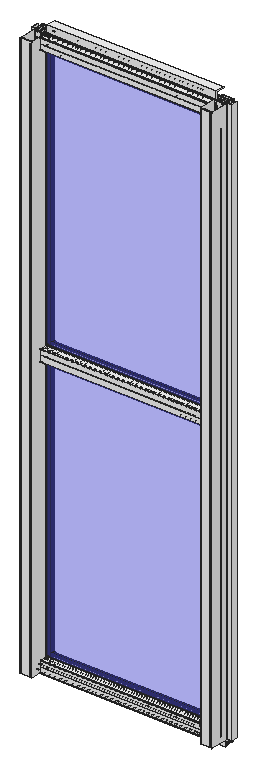
Revit family "Facade_60_Curtain_Wall_E12_Custom", category Windows, host Wall, Revit 2014
Parameters (values of type "F60-E12-Custom")
  Windload Design [instance] = if(Custom Windload < 1001 mm, 1000 mm, if(Custom Windload < 1501 mm, 1500 mm, 2000 mm))  # 1000 mm
  Width [instance] = if(Custom Curtain Wall Width < Limit Door Width Min, Limit Door Width Min, if(Custom Curtain Wall Width > Limit Door Width Max, Limit Door Width Max, Custom Curtain Wall Width))  # 1000 mm
  Wall Thickness [instance] = 200 mm
  Vertical Profile Length [instance] = Height - Frame Bottom Gap  # 2970 mm
  URL = "http://www.crealco.co.za/crealco-products.php"
  Type Comments = ""
  Thermal Resistance (R) [instance] = if(IGDB or SAGDB Number = 100100, 1.0000 (m²·K)/W / Intruderprufe U Value, if(IGDB or SAGDB Number = 100100, 1.0000 (m²·K)/W / Intruderprufe U Value, if(IGDB or SAGDB Number = 105003, 1.0000 (m²·K)/W / Intruderprufe Insulated U Value, if(IGDB or SAGDB Number = 105004, 1.0000 (m²·K)/W / Intruderprufe Insulated LowE U Value, 1.0000 (m²·K)/W / 7.9)))) * 1  # 0.126582 (m²·K)/W
  Thermal Break Material = Plastic, Opaque Black
  Solar Heat Gain Coefficient [instance] = if(IGDB or SAGDB Number = 100100, Intruderprufe SHGC Value, if(IGDB or SAGDB Number = 103200, Intruderprufe LowE SHGC Value, if(IGDB or SAGDB Number = 105003, Intruderprufe Insulated SHGC Value, if(IGDB or SAGDB Number = 105004, Intruderprufe Insulated LowE SHGC Value, 0))))  # 0
  Single Glazing [instance] = if(DG Forced, 1 = 0, not(Double Glazing))  # no
  Sill Height = 85 mm  # constant formula
  SG Forced [instance] = not(DG Forced)  # no
  Quarter Expansion Break = yes
  Overall Width [instance] = 1000 mm
  Overall Height [instance] = 3000 mm
  Mullion Configuration = 1 mm  # constant formula
  Model = "Facade 60"
  Mid Transom Bottom Gap [instance] = (Height - Frame Bottom Gap) / 2  # 1485 mm
  Max System DG Unit Thickness = 25 mm  # constant formula
  Max System DG One Piece Thickness [instance] = rounddown((Max System DG Unit Thickness - DG Gasket Thickness) / 2 mm) * 1 mm  # 6 mm
  Max Pane Area [instance] = Glazing Width * Glazing Height  # 1.32114 m²
  Manufacturer = "Crealco"
  Limit Door Width Min = Limit Panel Width Min + (2 * Glazing Side Gap)  # 379.6 mm
  Limit Door Width Max = Limit Panel Width Max + (2 * Glazing Side Gap)  # 3079.6 mm
  Limit Door Height Min = (2 * Limit Panel Height Min) + 69.8 mm + (1 mm * 19.6) + 39.8 mm  # 729.2 mm
  Limit Door Height Max = (2 * Limit Panel Height Max) + 69.8 mm + (1 mm * 19.6) + 39.8 mm  # 12129.2 mm
  Limit Panel Width Min = 300 mm  # constant formula
  Limit Panel Width Max = 3000 mm  # constant formula
  Limit Panel Height Min = 300 mm  # constant formula
  Limit Panel Height Max = 6000 mm  # constant formula
  Sill Length [instance] = Width  # 1000 mm
  Length Sill [instance] = Width  # 1000 mm
  Keynote = ""
  Jamb Width = 60 mm  # constant formula
  Intruderprufe U Value = 0
  Intruderprufe SHGC Value = 0
  Intruderprufe LowE U Value = 0
  Intruderprufe LowE SHGC Value = 0
  Intruderprufe Insulated U Value = 0
  Intruderprufe Insulated SHGC Value = 0
  Intruderprufe Insulated LowE U Value = 0
  Intruderprufe Insulated LowE SHGC Value = 0
  Horizontal Profile Length [instance] = Width - (2 * Jamb Width)  # 880 mm
  Half Expansion Break = no
  Glazing Width [instance] = Horizontal Profile Length + (2 mm * 20.2)  # 920.4 mm
  Glazing Top Gap = 39.8 mm  # constant formula
  Glazing Side Gap = 39.8 mm  # constant formula
  Glazing Height [instance] = (Height - Glazing Top Gap - Glazing Bottom Gap - (60 mm - 20.2 mm - 20.2 mm)) / 2  # 1435.4 mm
  Glazing Gap SG [instance] = (14 mm - SG Thickness) / 2  # 5 mm
  Glazing Gap DG [instance] = (28 mm - (DG Thickness + DG Thickness + DG Gasket Thickness)) / 2  # 4 mm
  Glazing Bottom Gap = 69.8 mm  # constant formula
  Frame Thickness = 101.8 mm  # constant formula
  Frame Bottom Gap = 30 mm  # constant formula
  Door Leaf Height [instance] = 2050 mm
  Double Glazing [instance] = yes
  DG Thickness Calc [instance] = if(not(Max Pane Area > 1.125 m²), 4 mm, if(not(Max Pane Area > 2.25 m²), 4 mm, if(not(Max Pane Area > 3.15 m²), 5 mm, if(not(Max Pane Area > 4.35 m²), 6 mm, if(not(Max Pane Area > 6.45 m²), 8 mm, 10 mm)))))  # 4 mm
  DG Thickness [instance] = if(IGDB or SAGDB Number = 105003, 6 mm, if(IGDB or SAGDB Number = 105004, 7 mm, if(DG Thickness Calc > Max System DG One Piece Thickness, Max System DG One Piece Thickness, DG Thickness Calc)))  # 4 mm
  DG Gasket Thickness = 12 mm  # constant formula
  DG Gasket Finish [instance] = Double Glazing Gasket Material
  DG Forced [instance] = if(IGDB or SAGDB Number = 100100, 1 = 0, if(IGDB or SAGDB Number = 103200, 1 = 0, if(IGDB or SAGDB Number = 105003, 1 = 1, if(IGDB or SAGDB Number = 105004, 1 = 1, Double Glazing))))  # yes
  IGDB or SAGDB Number [instance] = 0
  Height [instance] = if(Custom Curtain Wall Height < Limit Door Height Min, Limit Door Height Min, if(Custom Curtain Wall Height > Limit Door Height Max, Limit Door Height Max, Custom Curtain Wall Height))  # 3000 mm
  Heat Transfer Coefficient (U) [instance] = if(IGDB or SAGDB Number = 100100, Intruderprufe U Value, if(IGDB or SAGDB Number = 103200, Intruderprufe LowE U Value, if(IGDB or SAGDB Number = 105003, Intruderprufe Insulated U Value, if(IGDB or SAGDB Number = 105004, Intruderprufe Insulated LowE U Value, 7.9)))) * 1.0000 W/(m²·K)  # 7.9000 W/(m²·K)
  SG Thickness [instance] = if(IGDB or SAGDB Number = 100100, 6 mm, if(IGDB or SAGDB Number = 103200, 7 mm, if(not(Max Pane Area > 0.75 m²), 4 mm, if(not(Max Pane Area > 1.50 m²), 4 mm, if(not(Max Pane Area > 2.10 m²), 5 mm, if(not(Max Pane Area > 2.90 m²), 6.4 mm, if(not(Max Pane Area > 4.30 m²), 8 mm, 10 mm)))))))  # 4 mm
  Glazing Material [instance] = if(IGDB or SAGDB Number = 100100, "PFG INTRUDERPRUFE 6.38mm", if(IGDB or SAGDB Number = 103200, "PFG INTRUDERPRUFE LOW-E 7.38mm", if(IGDB or SAGDB Number = 105003, "PFG 25mm INTRUDERPRUFE INSULATED GLASS", if(IGDB or SAGDB Number = 105004, "PFG 25mm INTRUDERPRUFE INSULATED GLASS LOW-E", "Unknown"))))  # "Unknown"
  Glazing Finish [instance] = Glass
  Glazing Code [instance] = if(IGDB or SAGDB Number = 100100, "LAM01", if(IGDB or SAGDB Number = 103200, "LAM01E", if(IGDB or SAGDB Number = 105003, "IGU25", if(IGDB or SAGDB Number = 105004, "IGU25E", "Unknown"))))  # "Unknown"
  Frame Offset From Exterior [instance] = if(Centered In Wall, (Wall Thickness - Frame Thickness) / 2, Custom Offset From Exterior) + 5.9 mm  # 55 mm
  Description = "Curtain Wall, E12"
  Default Sill Height = 0 mm
  Wall Closure = By host
  Custom Curtain Wall Width [instance] = 1000 mm
  Custom Curtain Wall Height [instance] = 3000 mm
  Custom Windload [instance] = 1000 mm
  Custom Offset From Exterior [instance] = 10 mm
  Centered In Wall [instance] = yes
  Aluminium Finish [instance] = White Powder Coated Aluminium ANP 1052
  All Available Glazing Numbers [instance] = "The rows below list the available glazing materials for this window:"  # constant formula
  190mm Mullion = if(Mullion Configuration = 3 mm, 1 = 1, 1 = 0)  # no
  160mm Mullion = if(Mullion Configuration = 2 mm, 1 = 1, 1 = 0)  # no
  105004 [instance] = "IGU25E"  # constant formula
  105003 [instance] = "IGU25"  # constant formula
  103200 [instance] = "LAM01E"  # constant formula
  100mm Mullion = if(or(Mullion Configuration = 2 mm, Mullion Configuration = 3 mm), 1 = 0, 1 = 1)  # yes
  100100 [instance] = "LAM01"  # constant formula
Reference planes
  plane 1 "Center (Front/Back)": y = 0
  plane 2 "Center (Left/Right)": x = 0
  plane 3 "Left": x = -500
  plane 4 "Right": x = 500
  plane 5 "Sill": z = 0
  plane 6 "Head": z = 3000
  plane 7 "Exterior": y = 100
  plane 8 "Interior": y = -100
Lines and regions (mm)
  Opening 1
    outline origin (3507.082, -100, 0) x (1, 0, 0) y (0, 0, 1)
      loop
        line (-3007.082, 0) -> (-3007.082, 3000) -> (-4007.082, 3000) -> (-4007.082, 0) -> (-3007.082, 0)
Text (mm)
  text "EXTERIOR" at (-1963.203, 1332.353, 0), in view "Ref. Level"
  text "INTERIOR" at (-1981.466, -818.386, 0), in view "Ref. Level"
  text "Exterior" at (0, 923.751, 2943.296), in view "Right"
  text "Exterior" at (0, 1040.484, 2685.409), in view "Left"
Dimensions and locks
  equal spacing: plane 3 "Left", plane 2 "Center (Left/Right)", plane 4 "Right"
  "Width": plane 3 "Left" to plane 4 "Right"
  "Height": plane 5 "Sill" to plane 6 "Head"
  "Default Sill Height": plane 5 "Sill" to level
  locked: plane 7 "Exterior" to host wall at 0
  locked: plane 8 "Interior" to host wall
  "Overall Height": plane 6 "Head" to plane 5 "Sill"
  "Overall Width": plane 3 "Left" to plane 4 "Right"
  "Wall Thickness": host wall to host wall
  "Jamb Width": nested 3 to plane 4 "Right"
  "Jamb Width": nested 5 to plane 4 "Right"
  "Frame Bottom Gap": nested 5 to level
  "Frame Offset From Exterior": nested 1 to plane 7 "Exterior"
  "Glazing Side Gap": nested 6 to plane 4 "Right"
  "Glazing Top Gap": nested 6 to plane 6 "Head"
  "Glazing Gap SG": nested 6 to nested 1
  "Glazing Side Gap": nested 7 to plane 4 "Right"
  "Glazing Top Gap": nested 7 to plane 6 "Head"
  "Glazing Gap DG": nested 7 to nested 1
  "Jamb Width": nested 8 to plane 4 "Right"
  "Mid Transom Bottom Gap": nested 8 to level
  "Glazing Side Gap": nested 9 to plane 4 "Right"
  "Glazing Side Gap": nested 10 to plane 4 "Right"
  "Glazing Gap SG": nested 10 to nested 1
  "Glazing Gap DG": nested 9 to nested 1
  "Glazing Bottom Gap": nested 9 to level
  "Glazing Bottom Gap": nested 10 to level
  locked: nested 1 to nested 5 at 8.887
  aligned and locked: plane 4 "Right" to nested 1
  aligned and locked: nested 1 to plane 6 "Head"
  aligned and locked: plane 3 "Left" to nested 2
  aligned and locked: plane 6 "Head" to nested 2
  aligned and locked: nested 3 to plane 6 "Head"
  aligned and locked: nested 1 to nested 3
  aligned and locked: nested 4 to level
  aligned and locked: plane 4 "Right" to nested 4
  aligned and locked: nested 1 to nested 2
  aligned and locked: nested 5 to nested 4
  aligned and locked: nested 8 to nested 3
Automatic sketch dimensions
  plane 3 "Left" to Opening 1 sketch curve = 0 mm
  plane 4 "Right" to Opening 1 sketch curve = 0 mm
  Opening 1 sketch curve to plane 5 "Sill" = 0 mm
  Opening 1 sketch curve to plane 6 "Head" = 0 mm
Nested families
  nested 1: "F60 Vertical Profile Side_E12_Cust" at (500, -1.058, 30) x (-1, 0, 0) z (0, 0, 1), Thermal Break Material <- "Thermal Break Material", Profile Material <- "Aluminium Finish", Length <- "Vertical Profile Length", Single Glazing <- "SG Forced", Double Glazing <- "DG Forced", 100mm Mullion <- "100mm Mullion", 160mm Mullion <- "160mm Mullion", 190mm Mullion <- "190mm Mullion", Quarter Expansion Break <- "Quarter Expansion Break", Half Expansion Break <- "Half Expansion Break", type "F60 Vertical Profile Side_E12_Cust"
    with Thermal Break Material Plastic, Opaque Black, Single Glazing no, Quarter SG Expansion Break no, Quarter Length 742.5 mm, Quarter Expansion Break yes, Quarter DG Expansion Break yes, Quarter 190mm Expansion Break no, Quarter 160mm Expansion Break no, Quarter 100mm Expansion Break yes, Profile Material White Powder Coated Aluminium ANP 1052, Length 2970 mm, Half SG Expansion Break no, Half Length 1485 mm, Half Expansion Break no, Half DG Expansion Break no, Half 190mm Expansion Joint no, Half 160mm Expansion Break no, Half 100mm Expansion Break no, Double Glazing yes, 190mm Mullion no, 160mm Mullion no, 100mm Mullion yes
  nested 2: "F60 Vertical Profile Side_E12_Cust" at (-500, -1.058, 30), Thermal Break Material <- "Thermal Break Material", Profile Material <- "Aluminium Finish", Length <- "Vertical Profile Length", Single Glazing <- "SG Forced", Double Glazing <- "DG Forced", 100mm Mullion <- "100mm Mullion", 160mm Mullion <- "160mm Mullion", 190mm Mullion <- "190mm Mullion", Quarter Expansion Break <- "Quarter Expansion Break", Half Expansion Break <- "Half Expansion Break", type "F60 Vertical Profile Side_E12_Cust"
    with Thermal Break Material Plastic, Opaque Black, Single Glazing no, Quarter SG Expansion Break no, Quarter Length 742.5 mm, Quarter Expansion Break yes, Quarter DG Expansion Break yes, Quarter 190mm Expansion Break no, Quarter 160mm Expansion Break no, Quarter 100mm Expansion Break yes, Profile Material White Powder Coated Aluminium ANP 1052, Length 2970 mm, Half SG Expansion Break no, Half Length 1485 mm, Half Expansion Break no, Half DG Expansion Break no, Half 190mm Expansion Joint no, Half 160mm Expansion Break no, Half 100mm Expansion Break no, Double Glazing yes, 190mm Mullion no, 160mm Mullion no, 100mm Mullion yes
  nested 3: "F60 Horizontal Profile Top_E12_Cust" at (440, -50.858, 2940) x (-1, 0, 0) z (0, 0, 1), Thermal Break Material <- "Thermal Break Material", Profile Material <- "Aluminium Finish", Length <- "Horizontal Profile Length", Single Glazing <- "SG Forced", Double Glazing <- "DG Forced", type "F60 Horizontal Profile Top_E12_Cust"
    with Thermal Break Material Plastic, Opaque Black, Single Glazing no, Profile Material White Powder Coated Aluminium ANP 1052, Length 880 mm, Double Glazing yes
  nested 4: "F60 Sill_E12_Cust" at (500, -13.486, -1.88) x (-1, 0, 0) z (0, 0, 1), Profile Material <- "Aluminium Finish", Length Sill <- "Length Sill", type "F60 Sill_E12_Cust"
    with Profile Material White Powder Coated Aluminium ANP 1052, Length Sill 1000 mm
  nested 5: "F60 Horizontal Profile Bottom_E12_Cust" at (440, -50.858, 30) x (-1, 0, 0) z (0, 0, 1), Thermal Break Material <- "Thermal Break Material", Profile Material <- "Aluminium Finish", Length <- "Horizontal Profile Length", Single Glazing <- "SG Forced", Double Glazing <- "DG Forced", type "F60 Horizontal Profile Bottom_E12_Cust"
    with Thermal Break Material Plastic, Opaque Black, Single Glazing no, Profile Material White Powder Coated Aluminium ANP 1052, Length 880 mm, Double Glazing yes
  nested 6: "F60_Single_Glazing_E12_Cust" at (460.2, 7.942, 1524.8), Glazing Width <- "Glazing Width", Glazing Height <- "Glazing Height", SG Thickness <- "SG Thickness", Glazing Finish <- "Glazing Finish", visible <- "SG Forced", type "F60_Single_Glazing_E12_Cust"
    with SG Thickness 4 mm, Glazing Width 920.4 mm, Glazing Height 1435.4 mm, Glazing Finish Glass
  nested 7: "F60_Double_Glazing_E12_Cust" at (460.2, 22.942, 1524.8), Glazing Material <- "Glazing Finish", Double Glazing Gasket Material <- "DG Gasket Finish", Glazing Width <- "Glazing Width", Glazing Height <- "Glazing Height", Glazing Thickness DG <- "DG Thickness", Double Glazing Gasket Thickness <- "DG Gasket Thickness", visible <- "DG Forced", type "F60_Double_Glazing_E12_Cust"
    with Glazing Width 920.4 mm, Glazing Thickness DG 4 mm, Glazing Material Glass, Glazing Height 1435.4 mm, Double Glazing Gasket Thickness 12 mm, Double Glazing Gasket Material Double Glazing Gasket Material
  nested 8: "F60 Horizontal Profile Middle_E12_Cust" at (440, -50.858, 1485) x (-1, 0, 0) z (0, 0, 1), Thermal Break Material <- "Thermal Break Material", Profile Material <- "Aluminium Finish", Length <- "Horizontal Profile Length", Single Glazing <- "SG Forced", Double Glazing <- "DG Forced", type "F60 Horizontal Profile Middle_E12_Cust"
    with Thermal Break Material Plastic, Opaque Black, Single Glazing no, Profile Material White Powder Coated Aluminium ANP 1052, Length 880 mm, Double Glazing yes
  nested 9: "F60_Double_Glazing_E12_Cust" at (460.2, 22.942, 69.8), Glazing Material <- "Glazing Finish", Double Glazing Gasket Material <- "DG Gasket Finish", Glazing Width <- "Glazing Width", Glazing Height <- "Glazing Height", Glazing Thickness DG <- "DG Thickness", Double Glazing Gasket Thickness <- "DG Gasket Thickness", visible <- "DG Forced", type "F60_Double_Glazing_E12_Cust"
    with Glazing Width 920.4 mm, Glazing Thickness DG 4 mm, Glazing Material Glass, Glazing Height 1435.4 mm, Double Glazing Gasket Thickness 12 mm, Double Glazing Gasket Material Double Glazing Gasket Material
  nested 10: "F60_Single_Glazing_E12_Cust" at (460.2, 7.942, 69.8), Glazing Width <- "Glazing Width", Glazing Height <- "Glazing Height", SG Thickness <- "SG Thickness", Glazing Finish <- "Glazing Finish", visible <- "SG Forced", type "F60_Single_Glazing_E12_Cust"
    with SG Thickness 4 mm, Glazing Width 920.4 mm, Glazing Height 1435.4 mm, Glazing Finish Glass
Definition of nested family "F60 Vertical Profile Side_E12_Cust"
  Parameters (values of type "F60 Vertical Profile Side")
    Quarter SG Expansion Break [instance] = if(and(Quarter Expansion Break, Single Glazing), 1 = 1, 1 = 0)  # yes
    Quarter Length [instance] = Length / 4  # 62.5 mm
    Thermal Break Material [instance] = none
    Single Glazing [instance] = yes
    Quarter Expansion Break [instance] = yes
    Quarter DG Expansion Break [instance] = if(and(Quarter Expansion Break, Double Glazing), 1 = 1, 1 = 0)  # yes
    Quarter 190mm Expansion Break [instance] = if(and(Quarter Expansion Break, [190mm Mullion]), 1 = 1, 1 = 0)  # yes
    Quarter 160mm Expansion Break [instance] = if(and(Quarter Expansion Break, [160mm Mullion]), 1 = 1, 1 = 0)  # yes
    Quarter 100mm Expansion Break [instance] = if(and(Quarter Expansion Break, [100mm Mullion]), 1 = 1, 1 = 0)  # yes
    Profile Material [instance] = none
    Length [instance] = 250 mm
    Half SG Expansion Break [instance] = if(and(Half Expansion Break, Single Glazing), 1 = 1, 1 = 0)  # yes
    Half Length [instance] = Length / 2  # 125 mm
    Half Expansion Break [instance] = yes
    Half DG Expansion Break [instance] = if(and(Half Expansion Break, Double Glazing), 1 = 1, 1 = 0)  # yes
    Half 190mm Expansion Joint [instance] = if(and(Half Expansion Break, [190mm Mullion]), 1 = 1, 1 = 0)  # yes
    Half 160mm Expansion Break [instance] = if(and(Half Expansion Break, [160mm Mullion]), 1 = 1, 1 = 0)  # yes
    Half 100mm Expansion Break [instance] = if(and(Half Expansion Break, [100mm Mullion]), 1 = 1, 1 = 0)  # yes
    Double Glazing [instance] = yes
    190mm Mullion [instance] = yes
    160mm Mullion [instance] = yes
    100mm Mullion [instance] = yes
  Reference planes
    plane 1 "Center (Front/Back)": y = 0
    plane 2: z = 0
    plane 3 "Center (Left/Right)": x = 0
  Forms (mm)
    Extrusion 1, solid, material <- "Profile Material"
      sketch origin (0, 0, 0) x (1, 0, 0) y (0, 1, 0)
        loop
          arc (25.249, -8.7) -> (25.484, -9.266) -> (26.049, -9.5) r 0.8
          line (26.049, -9.5) -> (27.1, -9.5) -> (27.1, 7) -> (32.902, 7) -> (32.902, -9.5) -> (33.951, -9.5)
          arc (33.951, -9.5) -> (34.516, -9.266) -> (34.751, -8.7) r 0.8
          line (34.751, -8.7) -> (34.751, 6.2)
          arc (34.751, 6.2) -> (34.985, 6.766) -> (35.551, 7) r 0.8
          line (35.551, 7) -> (52.1, 7) -> (52.1, 5.4) -> (50.55, 5.4) -> (50.55, 4.55)
          arc (50.55, 4.55) -> (50.726, 4.126) -> (51.15, 3.95) r 0.6
          line (51.15, 3.95) -> (52.1, 3.95) -> (52.1, 1)
          arc (52.1, 1) -> (51.6, 0.5) -> (52.1, 0) r 0.5
          line (52.1, 0) -> (54.45, 0) -> (54.45, 1.15) -> (53.3, 1.15) -> (53.3, 2.45) -> (58.8, 2.45) -> (58.8, 1.15) -> (57.65, 1.15) -> (57.65, 0) -> (59.5, 0)
          arc (59.5, 0) -> (59.854, 0.146) -> (60, 0.5) r 0.5
          line (60, 0.5) -> (60, 3.9) -> (53.55, 3.9) -> (53.55, 7.6)
          arc (53.55, 7.6) -> (53.316, 8.166) -> (52.75, 8.4) r 0.8
          line (52.75, 8.4) -> (30, 8.4) -> (7.25, 8.4)
          arc (7.25, 8.4) -> (6.684, 8.166) -> (6.45, 7.6) r 0.8
          line (6.45, 7.6) -> (6.45, 3.9) -> (0, 3.9) -> (0, 0.5)
          arc (0, 0.5) -> (0.146, 0.146) -> (0.5, 0) r 0.5
          line (0.5, 0) -> (2.35, 0) -> (2.35, 1.15) -> (1.2, 1.15) -> (1.2, 2.45) -> (6.7, 2.45) -> (6.7, 1.15) -> (5.55, 1.15) -> (5.55, 0) -> (7.9, 0)
          arc (7.9, 0) -> (8.4, 0.5) -> (7.9, 1) r 0.5
          line (7.9, 1) -> (7.9, 3.95) -> (8.85, 3.95)
          arc (8.85, 3.95) -> (9.274, 4.126) -> (9.45, 4.55) r 0.6
          line (9.45, 4.55) -> (9.45, 5.4) -> (7.9, 5.4) -> (7.9, 7) -> (24.449, 7)
          arc (24.449, 7) -> (25.015, 6.766) -> (25.249, 6.2) r 0.8
          line (25.249, 6.2) -> (25.249, -8.7)
      from 0 to 250 <- "Length"
    Extrusion 2, solid, material <- "Thermal Break Material"
      sketch origin (0, 0, 0) x (1, 0, 0) y (0, 1, 0)
        loop
          line (1.75, 9.8) -> (1.75, 5.2) -> (0, 5.2) -> (0, 3.9) -> (6.35, 3.9) -> (6.35, 7.856)
          arc (6.35, 7.856) -> (6.526, 8.281) -> (6.95, 8.456) r 0.6
          line (6.95, 8.456) -> (30, 8.456) -> (53.05, 8.456)
          arc (53.05, 8.456) -> (53.474, 8.281) -> (53.65, 7.856) r 0.6
          line (53.65, 7.856) -> (53.65, 3.9) -> (60, 3.9) -> (60, 5.2) -> (58.25, 5.2) -> (58.25, 9.8) -> (30, 9.8) -> (1.75, 9.8)
      from 0 to 250 <- "Length"
    Extrusion 3, solid, material <- "Thermal Break Material", visible <- "Single Glazing"
      sketch origin (0, 0, 0) x (1, 0, 0) y (0, 1, 0)
        loop
          line (25.749, -14.011) -> (27.672, -14.011) -> (28.481, -12.611) -> (31.518, -12.611) -> (32.327, -14.011) -> (34.249, -14.011)
          arc (34.249, -14.011) -> (34.603, -13.864) -> (34.749, -13.511) r 0.5
          line (34.749, -13.511) -> (34.749, -10.011)
          arc (34.749, -10.011) -> (34.603, -9.657) -> (34.249, -9.511) r 0.5
          line (34.249, -9.511) -> (32.352, -9.511) -> (32.352, 0.19) -> (31.349, 2.261)
          arc (31.349, 2.261) -> (29.999, 2.986) -> (28.649, 2.261) r 1.62
          line (28.649, 2.261) -> (27.647, 0.19) -> (27.647, -9.511) -> (25.749, -9.511)
          arc (25.749, -9.511) -> (25.396, -9.657) -> (25.249, -10.011) r 0.5
          line (25.249, -10.011) -> (25.249, -13.511)
          arc (25.249, -13.511) -> (25.396, -13.864) -> (25.749, -14.011) r 0.5
        loop
          line (28.504, -10.005) -> (28.504, -10.861)
          arc (28.504, -10.861) -> (28.651, -11.214) -> (29.004, -11.361) r 0.5
          line (29.004, -11.361) -> (30.994, -11.361)
          arc (30.994, -11.361) -> (31.348, -11.214) -> (31.494, -10.861) r 0.5
          line (31.494, -10.861) -> (31.494, -10.005) -> (30.708, -9.219)
          arc (30.708, -9.219) -> (30.383, -9.001) -> (29.999, -8.924) r 1.007
          arc (29.999, -8.924) -> (29.616, -8.999) -> (29.292, -9.217) r 0.986
          line (29.292, -9.217) -> (28.504, -10.005)
        loop
          arc (30.896, 1.935) -> (29.887, 2.44) -> (29.005, 1.735) r 1.047
          line (29.005, 1.735) -> (28.347, 0.374) -> (28.347, -6.993)
          arc (28.347, -6.993) -> (28.583, -7.417) -> (29.068, -7.441) r 0.5
          arc (29.068, -7.441) -> (29.999, -7.223) -> (30.93, -7.441) r 2.099
          arc (30.93, -7.441) -> (31.416, -7.417) -> (31.652, -6.993) r 0.5
          line (31.652, -6.993) -> (31.652, 0.374) -> (30.896, 1.935)
      from 0 to 250 <- "Length"
    Extrusion 4, solid, material <- "Profile Material", visible <- "Single Glazing"
      sketch origin (0, 0, 0) x (1, 0, 0) y (0, 1, 0)
        loop
          line (52.693, -14.011) -> (32.327, -14.011) -> (31.519, -12.611) -> (28.481, -12.611) -> (27.673, -14.011) -> (7.307, -14.011) -> (7.307, -15.011) -> (8.457, -15.011) -> (8.457, -16.261) -> (2.957, -16.261) -> (2.957, -15.011) -> (4.107, -15.011) -> (4.107, -14.011) -> (1.707, -14.011)
          arc (1.707, -14.011) -> (1.199, -14.293) -> (1.168, -14.873) r 0.6
          line (1.168, -14.873) -> (2.093, -16.772) -> (1.015, -17.298) -> (1.484, -18.261) -> (11.488, -18.261)
          arc (11.488, -18.261) -> (11.913, -18.085) -> (12.088, -17.661) r 0.6
          line (12.088, -17.661) -> (12.088, -16.811) -> (47.912, -16.811) -> (47.912, -17.661)
          arc (47.912, -17.661) -> (48.088, -18.085) -> (48.512, -18.261) r 0.6
          line (48.512, -18.261) -> (58.518, -18.261) -> (58.987, -17.298) -> (57.908, -16.772) -> (58.834, -14.874)
          arc (58.834, -14.874) -> (58.802, -14.293) -> (58.293, -14.011) r 0.6
          line (58.293, -14.011) -> (55.893, -14.011) -> (55.893, -15.011) -> (57.043, -15.011) -> (57.043, -16.261) -> (51.543, -16.261) -> (51.543, -15.011) -> (52.693, -15.011) -> (52.693, -14.011)
      from 0 to 250 <- "Length"
    Extrusion 5, solid, material <- "Profile Material", visible <- "Single Glazing"
      sketch origin (0, 0, 0) x (1, 0, 0) y (0, 1, 0)
        loop
          line (2.801, -18.261) -> (1.484, -18.261) -> (1.015, -17.298) -> (2.093, -16.772) -> (0.779, -14.076)
          arc (0.779, -14.076) -> (0.239, -14.21) -> (0.001, -14.713) r 0.65
          line (0.001, -14.713) -> (0.001, -28.068)
          arc (0.001, -28.068) -> (1.172, -30.897) -> (4.001, -32.068) r 4
          line (4.001, -32.068) -> (30.001, -32.068) -> (56.001, -32.068)
          arc (56.001, -32.068) -> (58.829, -30.897) -> (60.001, -28.068) r 4
          line (60.001, -28.068) -> (60.001, -14.713)
          arc (60.001, -14.713) -> (59.763, -14.21) -> (59.223, -14.076) r 0.65
          line (59.223, -14.076) -> (57.908, -16.772) -> (58.987, -17.298) -> (58.518, -18.261) -> (57.201, -18.261)
          arc (57.201, -18.261) -> (56.83, -18.425) -> (56.703, -18.811) r 0.5
          arc (56.703, -18.811) -> (56.83, -19.196) -> (57.201, -19.361) r 0.5
          line (57.201, -19.361) -> (58.951, -19.361) -> (58.951, -27.968)
          arc (58.951, -27.968) -> (58.131, -29.948) -> (56.151, -30.768) r 2.8
          line (56.151, -30.768) -> (30.001, -30.768) -> (3.851, -30.768)
          arc (3.851, -30.768) -> (1.871, -29.948) -> (1.051, -27.968) r 2.8
          line (1.051, -27.968) -> (1.051, -19.361) -> (2.801, -19.361)
          arc (2.801, -19.361) -> (3.172, -19.196) -> (3.298, -18.811) r 0.5
          arc (3.298, -18.811) -> (3.172, -18.425) -> (2.801, -18.261) r 0.5
      from 0 to 250 <- "Length"
    Extrusion 6, solid, material <- "Profile Material", visible <- "100mm Mullion"
      sketch origin (0, 0, 0) x (1, 0, 0) y (0, 1, 0)
        loop
          line (14.02, 13) -> (45.98, 13)
          arc (45.98, 13) -> (46.539, 12.842) -> (46.917, 12.4) r 1
          arc (46.917, 12.4) -> (47.285, 11.963) -> (47.833, 11.8) r 1
          line (47.833, 11.8) -> (58.15, 11.8) -> (58.15, 96.3) -> (47.833, 96.3)
          arc (47.833, 96.3) -> (47.285, 96.137) -> (46.917, 95.7) r 1
          arc (46.917, 95.7) -> (46.548, 95.263) -> (46, 95.1) r 1
          line (46, 95.1) -> (14, 95.1)
          arc (14, 95.1) -> (13.452, 95.263) -> (13.083, 95.7) r 1
          arc (13.083, 95.7) -> (12.715, 96.137) -> (12.167, 96.3) r 1
          line (12.167, 96.3) -> (1.85, 96.3) -> (1.85, 11.8) -> (12.167, 11.8)
          arc (12.167, 11.8) -> (12.715, 11.963) -> (13.083, 12.4) r 1
          arc (13.083, 12.4) -> (13.461, 12.842) -> (14.02, 13) r 1
        loop
          line (1.65, 9.856) -> (58.35, 9.856) -> (58.35, 5.2) -> (60, 5.2) -> (60, 98.8)
          arc (60, 98.8) -> (59.707, 99.507) -> (59, 99.8) r 1
          line (59, 99.8) -> (1, 99.8)
          arc (1, 99.8) -> (0.293, 99.507) -> (0, 98.8) r 1
          line (0, 98.8) -> (0, 5.2) -> (1.65, 5.2) -> (1.65, 9.856)
      from 0 to 250 <- "Length"
    Extrusion 7, solid, material <- "Profile Material", visible <- "160mm Mullion"
      sketch origin (0, 0, 0) x (1, 0, 0) y (0, 1, 0)
        loop
          arc (2.35, 15.6) -> (2.526, 15.176) -> (2.95, 15) r 0.6
          line (2.95, 15) -> (57.05, 15)
          arc (57.05, 15) -> (57.474, 15.176) -> (57.65, 15.6) r 0.6
          line (57.65, 15.6) -> (57.65, 153.7)
          arc (57.65, 153.7) -> (57.474, 154.124) -> (57.05, 154.3) r 0.6
          line (57.05, 154.3) -> (47.833, 154.3)
          arc (47.833, 154.3) -> (47.285, 154.137) -> (46.917, 153.7) r 1
          arc (46.917, 153.7) -> (46.548, 153.263) -> (46, 153.1) r 1
          line (46, 153.1) -> (14, 153.1)
          arc (14, 153.1) -> (13.452, 153.263) -> (13.083, 153.7) r 1
          arc (13.083, 153.7) -> (12.715, 154.137) -> (12.167, 154.3) r 1
          line (12.167, 154.3) -> (2.95, 154.3)
          arc (2.95, 154.3) -> (2.526, 154.124) -> (2.35, 153.7) r 0.6
          line (2.35, 153.7) -> (2.35, 15.6)
        loop
          arc (1, 159.8) -> (0.293, 159.507) -> (0, 158.8) r 1
          line (0, 158.8) -> (0, 5.2) -> (1.65, 5.2) -> (1.65, 10.013) -> (58.35, 10.013) -> (58.35, 5.2) -> (60, 5.2) -> (60, 158.8)
          arc (60, 158.8) -> (59.707, 159.507) -> (59, 159.8) r 1
          line (59, 159.8) -> (1, 159.8)
      from 0 to 250 <- "Length"
    Extrusion 8, solid, material <- "Profile Material", visible <- "190mm Mullion"
      sketch origin (0, 0, 0) x (1, 0, 0) y (0, 1, 0)
        loop
          line (57.25, 15.1) -> (57.25, 178.3)
          arc (57.25, 178.3) -> (56.957, 179.007) -> (56.25, 179.3) r 1
          line (56.25, 179.3) -> (3.75, 179.3)
          arc (3.75, 179.3) -> (3.043, 179.007) -> (2.75, 178.3) r 1
          line (2.75, 178.3) -> (2.75, 15.1)
          arc (2.75, 15.1) -> (2.984, 14.534) -> (3.55, 14.3) r 0.8
          line (3.55, 14.3) -> (56.45, 14.3)
          arc (56.45, 14.3) -> (57.016, 14.534) -> (57.25, 15.1) r 0.8
        loop
          line (60, 5.2) -> (60, 188.8)
          arc (60, 188.8) -> (59.707, 189.507) -> (59, 189.8) r 1
          line (59, 189.8) -> (1, 189.8)
          arc (1, 189.8) -> (0.293, 189.507) -> (0, 188.8) r 1
          line (0, 188.8) -> (0, 5.2) -> (1.65, 5.2) -> (1.65, 9.856) -> (58.35, 9.856) -> (58.35, 5.2) -> (60, 5.2)
      from 0 to 250 <- "Length"
    Extrusion 9, solid, material <- "Thermal Break Material", visible <- "Double Glazing"
      sketch origin (0, 0, 0) x (1, 0, 0) y (0, 1, 0)
        loop
          line (27.672, -28) -> (28.48, -26.6) -> (31.518, -26.6) -> (32.326, -28) -> (34.249, -28)
          arc (34.249, -28) -> (34.603, -27.854) -> (34.749, -27.5) r 0.5
          line (34.749, -27.5) -> (34.749, -10)
          arc (34.749, -10) -> (34.603, -9.646) -> (34.249, -9.5) r 0.5
          line (34.249, -9.5) -> (32.352, -9.5) -> (32.352, 0.198) -> (31.348, 2.272)
          arc (31.348, 2.272) -> (29.998, 2.997) -> (28.648, 2.272) r 1.62
          line (28.648, 2.272) -> (27.645, 0.201) -> (27.645, -9.5) -> (25.749, -9.5)
          arc (25.749, -9.5) -> (25.396, -9.646) -> (25.249, -10) r 0.5
          line (25.249, -10) -> (25.249, -27.5)
          arc (25.249, -27.5) -> (25.396, -27.854) -> (25.749, -28) r 0.5
          line (25.749, -28) -> (27.672, -28)
        loop
          arc (30.706, -9.206) -> (30.382, -8.99) -> (29.999, -8.913) r 1.007
          arc (29.999, -8.913) -> (29.616, -8.988) -> (29.292, -9.206) r 0.986
          line (29.292, -9.206) -> (27.142, -11.356)
          arc (27.142, -11.356) -> (26.926, -11.68) -> (26.849, -12.063) r 1
          line (26.849, -12.063) -> (26.849, -24)
          arc (26.849, -24) -> (27.142, -24.707) -> (27.849, -25) r 1
          line (27.849, -25) -> (32.149, -25)
          arc (32.149, -25) -> (32.856, -24.707) -> (33.149, -24) r 1
          line (33.149, -24) -> (33.149, -12.063)
          arc (33.149, -12.063) -> (33.073, -11.68) -> (32.856, -11.356) r 1
          line (32.856, -11.356) -> (30.706, -9.206)
        loop
          arc (28.345, -6.982) -> (28.581, -7.407) -> (29.067, -7.43) r 0.5
          arc (29.067, -7.43) -> (29.998, -7.213) -> (30.929, -7.43) r 2.099
          arc (30.929, -7.43) -> (31.414, -7.407) -> (31.651, -6.982) r 0.5
          line (31.651, -6.982) -> (31.651, 0.385) -> (30.895, 1.946)
          arc (30.895, 1.946) -> (29.885, 2.45) -> (29.004, 1.745) r 1.047
          line (29.004, 1.745) -> (28.345, 0.385) -> (28.345, -6.982)
      from 0 to 250 <- "Length"
    Extrusion 10, solid, material <- "Profile Material", visible <- "Double Glazing"
      sketch origin (0, 0, 0) x (1, 0, 0) y (0, 1, 0)
        loop
          line (52.692, -28) -> (32.327, -28) -> (31.518, -26.6) -> (28.48, -26.6) -> (27.672, -28) -> (7.306, -28) -> (7.306, -29) -> (8.456, -29) -> (8.456, -30.25) -> (2.956, -30.25) -> (2.956, -29) -> (4.106, -29) -> (4.106, -28) -> (1.706, -28)
          arc (1.706, -28) -> (1.198, -28.282) -> (1.167, -28.863) r 0.6
          line (1.167, -28.863) -> (2.093, -30.762) -> (1.014, -31.288) -> (1.483, -32.25) -> (11.488, -32.25)
          arc (11.488, -32.25) -> (11.912, -32.074) -> (12.088, -31.65) r 0.6
          line (12.088, -31.65) -> (12.088, -30.8) -> (47.911, -30.8) -> (47.911, -31.65)
          arc (47.911, -31.65) -> (48.087, -32.074) -> (48.511, -32.25) r 0.6
          line (48.511, -32.25) -> (58.517, -32.25) -> (58.986, -31.288) -> (57.907, -30.762) -> (58.833, -28.864)
          arc (58.833, -28.864) -> (58.801, -28.282) -> (58.292, -28) r 0.6
          line (58.292, -28) -> (55.892, -28) -> (55.892, -29) -> (57.042, -29) -> (57.042, -30.25) -> (51.542, -30.25) -> (51.542, -29) -> (52.692, -29) -> (52.692, -28)
      from 0 to 250 <- "Length"
    Extrusion 11, solid, material <- "Profile Material", visible <- "Double Glazing"
      sketch origin (0, 0, 0) x (1, 0, 0) y (0, 1, 0)
        loop
          line (2.8, -32.25) -> (1.483, -32.25) -> (1.014, -31.288) -> (2.093, -30.762) -> (0.778, -28.065)
          arc (0.778, -28.065) -> (0.238, -28.2) -> (0, -28.702) r 0.65
          line (0, -28.702) -> (0, -42.058)
          arc (0, -42.058) -> (1.172, -44.886) -> (4, -46.058) r 4
          line (4, -46.058) -> (30, -46.058) -> (56, -46.058)
          arc (56, -46.058) -> (58.828, -44.886) -> (60, -42.058) r 4
          line (60, -42.058) -> (60, -28.702)
          arc (60, -28.702) -> (59.762, -28.2) -> (59.222, -28.065) r 0.65
          line (59.222, -28.065) -> (57.907, -30.762) -> (58.986, -31.288) -> (58.517, -32.25) -> (57.2, -32.25)
          arc (57.2, -32.25) -> (56.829, -32.415) -> (56.703, -32.8) r 0.5
          arc (56.703, -32.8) -> (56.829, -33.185) -> (57.2, -33.35) r 0.5
          line (57.2, -33.35) -> (58.95, -33.35) -> (58.95, -41.958)
          arc (58.95, -41.958) -> (58.13, -43.938) -> (56.15, -44.758) r 2.8
          line (56.15, -44.758) -> (30, -44.758) -> (3.85, -44.758)
          arc (3.85, -44.758) -> (1.87, -43.938) -> (1.05, -41.958) r 2.8
          line (1.05, -41.958) -> (1.05, -33.35) -> (2.8, -33.35)
          arc (2.8, -33.35) -> (3.171, -33.185) -> (3.297, -32.8) r 0.5
          arc (3.297, -32.8) -> (3.171, -32.415) -> (2.8, -32.25) r 0.5
      from 0 to 250 <- "Length"
    Extrusion 12, solid, material <- "Profile Material", visible <- "Single Glazing"
      sketch origin (0, 0, 0) x (1, 0, 0) y (0, 1, 0)
        loop
          line (10.403, -10.171) -> (10.403, -3.821) -> (-21.349, -3.821) -> (-21.349, -35.567) -> (-14.999, -35.567) -> (-14.999, -10.171) -> (10.403, -10.171)
      from 0 to 250 <- "Length"
    Extrusion 13, solid, material <- "Profile Material", visible <- "Double Glazing"
      sketch origin (0, 0, 0) x (1, 0, 0) y (0, 1, 0)
        loop
          line (10.402, -7.775) -> (10.402, -1.425) -> (-21.35, -1.425) -> (-21.35, -33.172) -> (-15, -33.172) -> (-15, -7.775) -> (10.402, -7.775)
      from 0 to 250 <- "Length"
    Extrusion 14, solid, material <- "Profile Material", visible <- "Double Glazing"
      sketch origin (0, 0, 0) x (1, 0, 0) y (0, 1, 0)
        loop
          line (12, -7.775) -> (0, -7.775) -> (0, -25.775) -> (12, -25.775) -> (12, -7.775)
        loop
          line (10.8, -8.975) -> (1.2, -8.975) -> (1.2, -24.575) -> (10.8, -24.575) -> (10.8, -8.975)
      from 0 to 250 <- "Length"
  Lines and regions (mm)
    model lines, style "GenericModelHiddenLines", visible <- "Half 100mm Expansion Break"
      curve 1: line (60, 5.2, 125) -> (60, 95.2, 125)
      curve 2: line (60, 99.8, 125) -> (0, 99.8, 125)
      curve 8: line (0, 5.2, 125) -> (0, 95.2, 125)
    model lines, style "GenericModelHiddenLines", visible <- "Quarter 100mm Expansion Break"
      curve 3: line (60, 5.2, 187.5) -> (60, 95.2, 187.5)
      curve 4: line (60, 5.2, 62.5) -> (60, 95.2, 62.5)
      curve 5: line (60, 99.8, 62.5) -> (0, 99.8, 62.5)
      curve 6: line (60, 99.8, 187.5) -> (0, 99.8, 187.5)
      curve 7: line (0, 5.2, 187.5) -> (0, 95.2, 187.5)
      curve 9: line (0, 5.2, 62.5) -> (0, 95.2, 62.5)
    model lines, style "GenericModelHiddenLines", visible <- "Half SG Expansion Break"
      curve 10: line (4.107, -32.068, 125) -> (55.893, -32.068, 125)
      curve 14: line (60.001, -14.011, 125) -> (60.001, -32.068, 125)
    model lines, style "GenericModelHiddenLines", visible <- "Quarter SG Expansion Break"
      curve 11: line (4.107, -32.068, 187.5) -> (56.703, -32.068, 187.5)
      curve 12: line (4.107, -32.068, 62.5) -> (56.703, -32.068, 62.5)
      curve 13: line (60.001, -14.011, 187.5) -> (60.001, -32.068, 187.5)
      curve 15: line (60.001, -14.011, 62.5) -> (60.001, -32.068, 62.5)
    model lines, style "GenericModelHiddenLines", visible <- "Quarter 160mm Expansion Break"
      curve 16: line (0, 5.2, 187.5) -> (0, 155.2, 187.5)
      curve 18: line (0, 5.2, 62.5) -> (0, 155.2, 62.5)
      curve 19: line (0, 159.8, 187.5) -> (60, 159.8, 187.5)
      curve 21: line (0, 159.8, 62.5) -> (60, 159.8, 62.5)
      curve 22: line (60, 5.2, 187.5) -> (60, 155.2, 187.5)
      curve 24: line (60, 5.2, 62.5) -> (60, 155.2, 62.5)
    model lines, style "GenericModelHiddenLines", visible <- "Half 160mm Expansion Break"
      curve 17: line (0, 5.2, 125) -> (0, 155.2, 125)
      curve 20: line (0, 159.8, 125) -> (60, 159.8, 125)
      curve 23: line (60, 5.2, 125) -> (60, 155.2, 125)
    model lines, style "GenericModelHiddenLines", visible <- "Quarter 190mm Expansion Break"
      curve 25: line (0, 5.2, 187.5) -> (0, 185.2, 187.5)
      curve 27: line (0, 5.2, 62.5) -> (0, 185.2, 62.5)
      curve 28: line (0.779, 189.8, 187.5) -> (59.222, 189.8, 187.5)
      curve 30: line (0.779, 189.8, 62.5) -> (59.222, 189.8, 62.5)
      curve 31: line (60, 5.2, 187.5) -> (60, 185.2, 187.5)
      curve 33: line (60, 5.2, 62.5) -> (60, 185.2, 62.5)
    model lines, style "GenericModelHiddenLines", visible <- "Half 190mm Expansion Joint"
      curve 26: line (0, 5.2, 125) -> (0, 185.2, 125)
      curve 29: line (0.779, 189.8, 125) -> (59.222, 189.8, 125)
      curve 32: line (60, 5.2, 125) -> (60, 185.2, 125)
    model lines, style "GenericModelHiddenLines", visible <- "Quarter DG Expansion Break"
      curve 34: line (60, -28.065, 187.5) -> (60, -46.074, 187.5)
      curve 36: line (60, -28.065, 62.5) -> (60, -46.027, 62.5)
      curve 37: line (59.222, -46.058, 187.5) -> (0.779, -46.058, 187.5)
      curve 39: line (59.222, -46.058, 62.5) -> (0.779, -46.058, 62.5)
    model lines, style "GenericModelHiddenLines", visible <- "Half DG Expansion Break"
      curve 35: line (60, -28.065, 125) -> (60, -46.074, 125)
      curve 38: line (59.222, -46.058, 125) -> (0.779, -46.058, 125)
  Dimensions and locks
    "Half Length": curve 1 to level
    "Half Length": level to curve 2
    "Quarter Length": curve 4 to level
    "Quarter Length": Extrusion 8 to curve 3
    "Quarter Length": level to curve 5
    "Quarter Length": curve 6 to Extrusion 6
    "Quarter Length": curve 9 to level
    "Half Length": curve 8 to level
    "Quarter Length": Extrusion 8 to curve 7
    "Quarter Length": curve 12 to level
    "Half Length": curve 10 to level
    "Quarter Length": Extrusion 5 to curve 11
    "Quarter Length": curve 15 to level
    "Half Length": curve 14 to level
    "Quarter Length": Extrusion 5 to curve 13
    "Quarter Length": Extrusion 7 to curve 18
    "Half Length": Extrusion 7 to curve 17
    "Quarter Length": Extrusion 7 to curve 16
    "Quarter Length": Extrusion 7 to curve 21
    "Quarter Length": curve 19 to Extrusion 7
    "Half Length": Extrusion 7 to curve 20
    "Quarter Length": Extrusion 7 to curve 24
    "Quarter Length": Extrusion 7 to curve 22
    "Half Length": Extrusion 7 to curve 23
    "Quarter Length": Extrusion 8 to curve 27
    "Quarter Length": Extrusion 8 to curve 25
    "Half Length": Extrusion 8 to curve 26
    "Quarter Length": Extrusion 8 to curve 30
    "Quarter Length": curve 28 to Extrusion 8
    "Half Length": Extrusion 8 to curve 29
    "Quarter Length": Extrusion 8 to curve 33
    "Quarter Length": Extrusion 8 to curve 31
    "Half Length": Extrusion 8 to curve 32
    "Quarter Length": Extrusion 11 to curve 36
    "Quarter Length": Extrusion 11 to curve 34
    "Half Length": Extrusion 11 to curve 35
    "Quarter Length": Extrusion 11 to curve 37
    "Quarter Length": curve 39 to Extrusion 11
    "Half Length": curve 38 to Extrusion 11
    aligned and locked: level to plane 2
  Automatic sketch dimensions
    Extrusion 1 sketch curve to plane 3 "Center (Left/Right)" = 0 mm
    plane 1 "Center (Front/Back)" to Extrusion 1 sketch curve = 0 mm  (x4)
    plane 3 "Center (Left/Right)" to Extrusion 1 sketch curve = 0.5 mm
    Extrusion 1 sketch curve to Extrusion 1 sketch curve = 0.7 mm  (x2)
    Extrusion 1 sketch curve to Extrusion 1 sketch curve = 1.15 mm  (x4)
    Extrusion 1 sketch curve to Extrusion 1 sketch curve = 3.2 mm  (x2)
    Extrusion 1 sketch curve to Extrusion 1 sketch curve = 0.9 mm
    Extrusion 1 sketch curve to Extrusion 1 sketch curve = 0.25 mm
    Extrusion 1 sketch curve to Extrusion 1 sketch curve = 0.8 mm  (x7)
    Extrusion 1 sketch curve to Extrusion 1 sketch curve = 1.45 mm  (x2)
    Extrusion 1 sketch curve to Extrusion 1 sketch curve = 0.65 mm  (x3)
    Extrusion 1 sketch curve to Extrusion 1 sketch curve = 0.95 mm  (x3)
    Extrusion 1 sketch curve to Extrusion 1 sketch curve = 0.6 mm  (x3)
    Extrusion 1 sketch curve to plane 1 "Center (Front/Back)" = 7 mm
    Extrusion 1 sketch curve to Extrusion 1 sketch curve = 14.999 mm  (x2)
    plane 1 "Center (Front/Back)" to Extrusion 1 sketch curve = 8.7 mm
    Extrusion 1 sketch curve to Extrusion 1 sketch curve = 1.85 mm
    Extrusion 1 sketch curve to Extrusion 1 sketch curve = 2.9 mm
    Extrusion 1 sketch curve to Extrusion 1 sketch curve = 5.802 mm
    Extrusion 1 sketch curve to Extrusion 1 sketch curve = 1.049 mm
    Extrusion 1 sketch curve to plane 1 "Center (Front/Back)" = 4.55 mm
    Extrusion 1 sketch curve to plane 1 "Center (Front/Back)" = 0.5 mm  (x3)
    Extrusion 1 sketch curve to Extrusion 1 sketch curve = 1.2 mm
    Extrusion 1 sketch curve to plane 1 "Center (Front/Back)" = 1.15 mm  (x2)
    Extrusion 1 sketch curve to Extrusion 1 sketch curve = 0 mm
    Extrusion 1 sketch curve to Extrusion 1 sketch curve = 1.3 mm  (x2)
    Extrusion 1 sketch curve to Extrusion 1 sketch curve = 0.05 mm  (x2)
    Extrusion 1 sketch curve to Extrusion 1 sketch curve = 0.85 mm  (x2)
    Extrusion 1 sketch curve to plane 1 "Center (Front/Back)" = 6.2 mm
    Extrusion 2 sketch curve to plane 3 "Center (Left/Right)" = 0 mm
    plane 3 "Center (Left/Right)" to Extrusion 2 sketch curve = 1.75 mm
    Extrusion 2 sketch curve to Extrusion 2 sketch curve = 4.6 mm  (x4)
    Extrusion 2 sketch curve to Extrusion 2 sketch curve = 0.6 mm  (x2)
    Extrusion 2 sketch curve to plane 1 "Center (Front/Back)" = 9.8 mm
    Extrusion 2 sketch curve to Extrusion 2 sketch curve = 23.05 mm  (x2)
    Extrusion 2 sketch curve to Extrusion 2 sketch curve = 0 mm
    Extrusion 2 sketch curve to plane 1 "Center (Front/Back)" = 8.456 mm
    Extrusion 2 sketch curve to Extrusion 2 sketch curve = 1.75 mm
    Extrusion 2 sketch curve to plane 1 "Center (Front/Back)" = 3.9 mm  (x2)
    plane 3 "Center (Left/Right)" to Extrusion 3 sketch curve = 25.249 mm
    Extrusion 3 sketch curve to Extrusion 3 sketch curve = 0.5 mm  (x6)
    Extrusion 3 sketch curve to plane 1 "Center (Front/Back)" = 0.19 mm  (x2)
    Extrusion 3 sketch curve to Extrusion 3 sketch curve = 1.897 mm  (x2)
    Extrusion 3 sketch curve to Extrusion 3 sketch curve = 1.922 mm  (x2)
    Extrusion 3 sketch curve to plane 1 "Center (Front/Back)" = 0.374 mm  (x2)
    Extrusion 3 sketch curve to Extrusion 3 sketch curve = 0.7 mm  (x2)
    plane 1 "Center (Front/Back)" to Extrusion 3 sketch curve = 12.611 mm
    Extrusion 3 sketch curve to Extrusion 3 sketch curve = 0.809 mm
    Extrusion 3 sketch curve to Extrusion 3 sketch curve = 0.858 mm
    Extrusion 3 sketch curve to plane 1 "Center (Front/Back)" = 2.261 mm  (x2)
    Extrusion 3 sketch curve to Extrusion 3 sketch curve = 0.303 mm
    Extrusion 3 sketch curve to plane 1 "Center (Front/Back)" = 1.735 mm
    Extrusion 3 sketch curve to Extrusion 3 sketch curve = 0.356 mm
    plane 1 "Center (Front/Back)" to Extrusion 3 sketch curve = 9.217 mm
    Extrusion 3 sketch curve to Extrusion 3 sketch curve = 0.788 mm
    Extrusion 3 sketch curve to Extrusion 3 sketch curve = 0.701 mm
    Extrusion 3 sketch curve to Extrusion 3 sketch curve = 0.003 mm
    Extrusion 3 sketch curve to Extrusion 3 sketch curve = 0.992 mm
    Extrusion 3 sketch curve to Extrusion 3 sketch curve = 0.006 mm
    Extrusion 3 sketch curve to Extrusion 3 sketch curve = 0.002 mm
    plane 1 "Center (Front/Back)" to Extrusion 3 sketch curve = 9.219 mm
    Extrusion 3 sketch curve to Extrusion 3 sketch curve = 0.709 mm
    Extrusion 3 sketch curve to plane 1 "Center (Front/Back)" = 1.935 mm
    Extrusion 3 sketch curve to Extrusion 3 sketch curve = 0.899 mm
    Extrusion 3 sketch curve to Extrusion 3 sketch curve = 0.998 mm
    Extrusion 3 sketch curve to Extrusion 3 sketch curve = 0.444 mm
    Extrusion 3 sketch curve to Extrusion 3 sketch curve = 0.524 mm
    Extrusion 3 sketch curve to Extrusion 3 sketch curve = 0.756 mm
    Extrusion 3 sketch curve to Extrusion 3 sketch curve = 0.808 mm
    Extrusion 3 sketch curve to Extrusion 3 sketch curve = 0.9 mm  (x2)
    Extrusion 3 sketch curve to Extrusion 3 sketch curve = 1.25 mm
    Extrusion 3 sketch curve to Extrusion 3 sketch curve = 0.85 mm  (x2)
    Extrusion 3 sketch curve to Extrusion 3 sketch curve = 0.856 mm  (x2)
    Extrusion 3 sketch curve to Extrusion 3 sketch curve = 0.714 mm
    Extrusion 3 sketch curve to Extrusion 3 sketch curve = 0.02 mm
    Extrusion 3 sketch curve to Extrusion 3 sketch curve = 0.399 mm
    Extrusion 3 sketch curve to Extrusion 3 sketch curve = 2.224 mm
    Extrusion 3 sketch curve to Extrusion 3 sketch curve = 0.448 mm
    Extrusion 3 sketch curve to Extrusion 3 sketch curve = 0.032 mm
    Extrusion 3 sketch curve to Extrusion 3 sketch curve = 0 mm
    plane 3 "Center (Left/Right)" to Extrusion 4 sketch curve = 1.015 mm
    Extrusion 4 sketch curve to Extrusion 4 sketch curve = 0.469 mm
    plane 3 "Center (Left/Right)" to Extrusion 4 sketch curve = 1.707 mm
    Extrusion 4 sketch curve to Extrusion 4 sketch curve = 1.079 mm
    Extrusion 4 sketch curve to Extrusion 4 sketch curve = 0.864 mm
    Extrusion 4 sketch curve to Extrusion 4 sketch curve = 1.15 mm  (x4)
    Extrusion 4 sketch curve to Extrusion 4 sketch curve = 3.2 mm  (x2)
    Extrusion 4 sketch curve to Extrusion 4 sketch curve = 3.031 mm  (x2)
    Extrusion 4 sketch curve to Extrusion 4 sketch curve = 0.6 mm  (x3)
    Extrusion 4 sketch curve to Extrusion 4 sketch curve = 15.584 mm  (x2)
    plane 1 "Center (Front/Back)" to Extrusion 4 sketch curve = 12.611 mm
    Extrusion 4 sketch curve to Extrusion 4 sketch curve = 0.808 mm  (x2)
    Extrusion 4 sketch curve to Extrusion 4 sketch curve = 3.038 mm
    plane 1 "Center (Front/Back)" to Extrusion 4 sketch curve = 14.011 mm
    plane 1 "Center (Front/Back)" to Extrusion 4 sketch curve = 16.772 mm
    Extrusion 4 sketch curve to Extrusion 4 sketch curve = 0.865 mm
    Extrusion 4 sketch curve to Extrusion 4 sketch curve = 1.25 mm  (x4)
    plane 1 "Center (Front/Back)" to Extrusion 4 sketch curve = 18.261 mm
    Extrusion 4 sketch curve to Extrusion 4 sketch curve = 0.61 mm
    plane 1 "Center (Front/Back)" to Extrusion 4 sketch curve = 17.298 mm
    Extrusion 4 sketch curve to Extrusion 4 sketch curve = 5.65 mm
    Extrusion 4 sketch curve to Extrusion 4 sketch curve = 0.962 mm
    Extrusion 4 sketch curve to Extrusion 4 sketch curve = 0.85 mm
    Extrusion 4 sketch curve to Extrusion 4 sketch curve = 0.512 mm  (x2)
    Extrusion 4 sketch curve to Extrusion 4 sketch curve = 1 mm  (x2)
    Extrusion 4 sketch curve to Extrusion 4 sketch curve = 0.4 mm  (x2)
    Extrusion 4 sketch curve to Extrusion 4 sketch curve = 1.4 mm
    Extrusion 4 sketch curve to Extrusion 4 sketch curve = 0.539 mm  (x2)
    Extrusion 4 sketch curve to Extrusion 4 sketch curve = 0 mm
    plane 1 "Center (Front/Back)" to Extrusion 4 sketch curve = 14.874 mm
    plane 3 "Center (Left/Right)" to Extrusion 5 sketch curve = 0.001 mm
    Extrusion 5 sketch curve to Extrusion 5 sketch curve = 0.65 mm  (x2)
    Extrusion 5 sketch curve to Extrusion 5 sketch curve = 0.128 mm  (x2)
    plane 3 "Center (Left/Right)" to Extrusion 5 sketch curve = 1.015 mm
    plane 3 "Center (Left/Right)" to Extrusion 5 sketch curve = 1.051 mm
    Extrusion 5 sketch curve to Extrusion 5 sketch curve = 0.469 mm  (x2)
    Extrusion 5 sketch curve to Extrusion 5 sketch curve = 1.079 mm
    Extrusion 5 sketch curve to Extrusion 5 sketch curve = 1.317 mm  (x2)
    Extrusion 5 sketch curve to Extrusion 5 sketch curve = 0 mm  (x3)
    plane 3 "Center (Left/Right)" to Extrusion 5 sketch curve = 3.851 mm
    Extrusion 5 sketch curve to Extrusion 5 sketch curve = 0.15 mm  (x2)
    Extrusion 5 sketch curve to Extrusion 5 sketch curve = 26 mm  (x2)
    Extrusion 5 sketch curve to Extrusion 5 sketch curve = 1.05 mm
    plane 1 "Center (Front/Back)" to Extrusion 5 sketch curve = 16.772 mm
    Extrusion 5 sketch curve to Extrusion 5 sketch curve = 0.707 mm
    Extrusion 5 sketch curve to Extrusion 5 sketch curve = 0.433 mm
    plane 1 "Center (Front/Back)" to Extrusion 5 sketch curve = 17.298 mm
    plane 1 "Center (Front/Back)" to Extrusion 5 sketch curve = 14.076 mm
    Extrusion 5 sketch curve to Extrusion 5 sketch curve = 0.5 mm  (x2)
    plane 1 "Center (Front/Back)" to Extrusion 5 sketch curve = 18.761 mm
    Extrusion 5 sketch curve to Extrusion 5 sketch curve = 0.1 mm  (x3)
    Extrusion 5 sketch curve to Extrusion 5 sketch curve = 1.1 mm  (x2)
    Extrusion 5 sketch curve to Extrusion 5 sketch curve = 8.608 mm
    Extrusion 5 sketch curve to Extrusion 5 sketch curve = 0.962 mm
    Extrusion 6 sketch curve to plane 3 "Center (Left/Right)" = 0 mm
    plane 3 "Center (Left/Right)" to Extrusion 6 sketch curve = 1 mm
    plane 3 "Center (Left/Right)" to Extrusion 6 sketch curve = 1.65 mm
    plane 3 "Center (Left/Right)" to Extrusion 6 sketch curve = 1.85 mm
    Extrusion 6 sketch curve to Extrusion 6 sketch curve = 10.317 mm  (x3)
    Extrusion 6 sketch curve to Extrusion 6 sketch curve = 1.833 mm  (x4)
    Extrusion 6 sketch curve to Extrusion 6 sketch curve = 0.02 mm  (x2)
    Extrusion 6 sketch curve to plane 1 "Center (Front/Back)" = 13 mm
    Extrusion 6 sketch curve to Extrusion 6 sketch curve = 31.961 mm
    Extrusion 6 sketch curve to Extrusion 6 sketch curve = 32 mm
    Extrusion 6 sketch curve to Extrusion 6 sketch curve = 0.2 mm  (x5)
    Extrusion 6 sketch curve to Extrusion 6 sketch curve = 0.85 mm
    Extrusion 6 sketch curve to Extrusion 6 sketch curve = 1.65 mm
    Extrusion 6 sketch curve to Extrusion 6 sketch curve = 1 mm  (x8)
    Extrusion 6 sketch curve to Extrusion 6 sketch curve = 1.944 mm
    Extrusion 6 sketch curve to Extrusion 6 sketch curve = 4.656 mm  (x2)
    Extrusion 6 sketch curve to Extrusion 6 sketch curve = 82.1 mm
    Extrusion 6 sketch curve to Extrusion 6 sketch curve = 2.5 mm
    Extrusion 7 sketch curve to plane 3 "Center (Left/Right)" = 0 mm
    Extrusion 7 sketch curve to Extrusion 7 sketch curve = 1 mm  (x3)
    plane 3 "Center (Left/Right)" to Extrusion 7 sketch curve = 1.65 mm
    plane 3 "Center (Left/Right)" to Extrusion 7 sketch curve = 2.35 mm
    Extrusion 7 sketch curve to Extrusion 7 sketch curve = 0.6 mm  (x3)
    Extrusion 7 sketch curve to Extrusion 7 sketch curve = 9.217 mm  (x2)
    Extrusion 7 sketch curve to Extrusion 7 sketch curve = 1.833 mm  (x2)
    Extrusion 7 sketch curve to Extrusion 7 sketch curve = 32 mm
    Extrusion 7 sketch curve to plane 1 "Center (Front/Back)" = 15 mm
    Extrusion 7 sketch curve to Extrusion 7 sketch curve = 54.1 mm
    Extrusion 7 sketch curve to Extrusion 7 sketch curve = 1.3 mm
    Extrusion 7 sketch curve to Extrusion 7 sketch curve = 1.95 mm
    Extrusion 7 sketch curve to Extrusion 7 sketch curve = 1.65 mm
    Extrusion 7 sketch curve to Extrusion 7 sketch curve = 4.987 mm
    Extrusion 7 sketch curve to Extrusion 7 sketch curve = 4.813 mm
    Extrusion 7 sketch curve to Extrusion 7 sketch curve = 4.812 mm
    Extrusion 7 sketch curve to Extrusion 7 sketch curve = 137.5 mm
    Extrusion 7 sketch curve to Extrusion 7 sketch curve = 0.2 mm  (x2)
    Extrusion 7 sketch curve to Extrusion 7 sketch curve = 0.4 mm  (x2)
    Extrusion 7 sketch curve to Extrusion 7 sketch curve = 4.5 mm
    Extrusion 8 sketch curve to plane 3 "Center (Left/Right)" = 0 mm
    Extrusion 8 sketch curve to Extrusion 8 sketch curve = 1 mm  (x3)
    plane 3 "Center (Left/Right)" to Extrusion 8 sketch curve = 1.65 mm
    plane 3 "Center (Left/Right)" to Extrusion 8 sketch curve = 2.75 mm
    Extrusion 8 sketch curve to Extrusion 8 sketch curve = 0.8 mm  (x2)
    Extrusion 8 sketch curve to Extrusion 8 sketch curve = 52.5 mm
    Extrusion 8 sketch curve to plane 1 "Center (Front/Back)" = 15.1 mm
    Extrusion 8 sketch curve to Extrusion 8 sketch curve = 52.9 mm
    Extrusion 8 sketch curve to Extrusion 8 sketch curve = 1.9 mm
    Extrusion 8 sketch curve to Extrusion 8 sketch curve = 2.75 mm
    Extrusion 8 sketch curve to Extrusion 8 sketch curve = 4.444 mm
    Extrusion 8 sketch curve to Extrusion 8 sketch curve = 4.656 mm  (x2)
    Extrusion 8 sketch curve to Extrusion 8 sketch curve = 163.2 mm
    Extrusion 8 sketch curve to Extrusion 8 sketch curve = 9.5 mm
    plane 3 "Center (Left/Right)" to Extrusion 9 sketch curve = 25.249 mm
    Extrusion 9 sketch curve to Extrusion 9 sketch curve = 0.5 mm  (x4)
    Extrusion 9 sketch curve to Extrusion 9 sketch curve = 1.1 mm
    plane 1 "Center (Front/Back)" to Extrusion 9 sketch curve = 11.356 mm  (x2)
    Extrusion 9 sketch curve to Extrusion 9 sketch curve = 0.293 mm  (x2)
    Extrusion 9 sketch curve to Extrusion 9 sketch curve = 1.896 mm
    Extrusion 9 sketch curve to Extrusion 9 sketch curve = 1.922 mm
    Extrusion 9 sketch curve to Extrusion 9 sketch curve = 1 mm  (x2)
    Extrusion 9 sketch curve to Extrusion 9 sketch curve = 0.7 mm
    Extrusion 9 sketch curve to Extrusion 9 sketch curve = 0.808 mm
    Extrusion 9 sketch curve to plane 1 "Center (Front/Back)" = 2.272 mm  (x2)
    Extrusion 9 sketch curve to Extrusion 9 sketch curve = 0.303 mm
    Extrusion 9 sketch curve to plane 1 "Center (Front/Back)" = 1.745 mm
    Extrusion 9 sketch curve to Extrusion 9 sketch curve = 0.356 mm
    plane 1 "Center (Front/Back)" to Extrusion 9 sketch curve = 9.206 mm  (x2)
    Extrusion 9 sketch curve to Extrusion 9 sketch curve = 1.647 mm
    Extrusion 9 sketch curve to Extrusion 9 sketch curve = 0.701 mm
    Extrusion 9 sketch curve to Extrusion 9 sketch curve = 0.992 mm
    Extrusion 9 sketch curve to Extrusion 9 sketch curve = 0.003 mm
    Extrusion 9 sketch curve to Extrusion 9 sketch curve = 0.002 mm
    Extrusion 9 sketch curve to Extrusion 9 sketch curve = 0.004 mm
    Extrusion 9 sketch curve to Extrusion 9 sketch curve = 0.708 mm
    Extrusion 9 sketch curve to plane 1 "Center (Front/Back)" = 1.946 mm
    Extrusion 9 sketch curve to Extrusion 9 sketch curve = 0.899 mm
    Extrusion 9 sketch curve to Extrusion 9 sketch curve = 0.444 mm
    Extrusion 9 sketch curve to Extrusion 9 sketch curve = 3.038 mm
    Extrusion 9 sketch curve to plane 1 "Center (Front/Back)" = 0.385 mm  (x2)
    Extrusion 9 sketch curve to Extrusion 9 sketch curve = 0.756 mm
    Extrusion 9 sketch curve to Extrusion 9 sketch curve = 2.153 mm
    Extrusion 9 sketch curve to Extrusion 9 sketch curve = 0.631 mm
    Extrusion 9 sketch curve to Extrusion 9 sketch curve = 0.807 mm
    Extrusion 9 sketch curve to Extrusion 9 sketch curve = 1.646 mm
    Extrusion 9 sketch curve to Extrusion 9 sketch curve = 0.707 mm
    Extrusion 9 sketch curve to Extrusion 9 sketch curve = 1.393 mm
    Extrusion 9 sketch curve to Extrusion 9 sketch curve = 1.923 mm
    Extrusion 9 sketch curve to Extrusion 9 sketch curve = 11.937 mm
    Extrusion 9 sketch curve to Extrusion 9 sketch curve = 1.6 mm
    Extrusion 9 sketch curve to Extrusion 9 sketch curve = 0.9 mm  (x2)
    Extrusion 9 sketch curve to Extrusion 9 sketch curve = 1.356 mm  (x2)
    Extrusion 9 sketch curve to Extrusion 9 sketch curve = 0.714 mm
    Extrusion 9 sketch curve to Extrusion 9 sketch curve = 0.02 mm
    Extrusion 9 sketch curve to Extrusion 9 sketch curve = 0.399 mm
    Extrusion 9 sketch curve to Extrusion 9 sketch curve = 2.224 mm
    Extrusion 9 sketch curve to Extrusion 9 sketch curve = 0.448 mm
    Extrusion 9 sketch curve to plane 1 "Center (Front/Back)" = 0.198 mm
    Extrusion 9 sketch curve to plane 1 "Center (Front/Back)" = 0.201 mm
    Extrusion 9 sketch curve to Extrusion 9 sketch curve = 0.032 mm
    Extrusion 9 sketch curve to Extrusion 9 sketch curve = 0 mm
    plane 3 "Center (Left/Right)" to Extrusion 10 sketch curve = 1.014 mm
    Extrusion 10 sketch curve to Extrusion 10 sketch curve = 0.469 mm  (x2)
    plane 3 "Center (Left/Right)" to Extrusion 10 sketch curve = 1.706 mm
    Extrusion 10 sketch curve to Extrusion 10 sketch curve = 1.079 mm
    Extrusion 10 sketch curve to Extrusion 10 sketch curve = 0.864 mm
    Extrusion 10 sketch curve to Extrusion 10 sketch curve = 1.15 mm  (x4)
    Extrusion 10 sketch curve to Extrusion 10 sketch curve = 3.2 mm  (x2)
    Extrusion 10 sketch curve to Extrusion 10 sketch curve = 3.031 mm  (x2)
    Extrusion 10 sketch curve to Extrusion 10 sketch curve = 0.6 mm  (x3)
